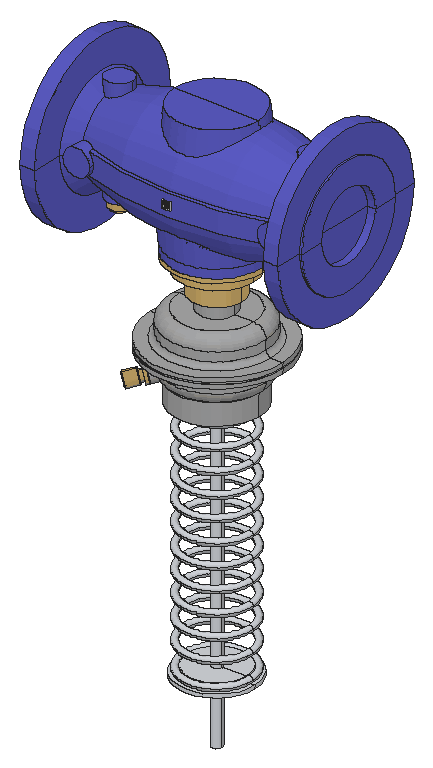
Revit family "Differenzdruckregler F_4007_20-80kPa_HF", category Rohrzubehör, Revit 2018
Family settings
  Bemaßung runder Anschluss = Durchmesser verwenden
  Teiletyp = Unterbricht
  OmniClass-Nummer = 23.65.55.14
  OmniClass-Titel = Valves for Liquid Services
  Arbeitsebenenbasiert = Nein
  Immer vertikal = Ja
  Beim Laden mit Abzugskörper schneiden = Nein
  Gemeinsam genutzt = Nein
Parameters
  Min. Betriebstemperatur (Frostschutz) = -10 °C  # constant formula
  Min. Betriebstemperatur = 2 °C  # constant formula
  Max. Betriebsdruck = 1600000.0 Pa  # constant formula
  Max. Betriebstemperatur = 110 °C  # constant formula
  URL = "www.herz-armaturen.at"
  Sollwertfeder = "EN 10270-1-SH"  # constant formula
  SCRNSEQ = "ARM;ARM_TYP=\"DIFR\";2"
  SCRNCODE = "05;03;02"  # constant formula
  S02 [instance] = H03 + H13  # 141 mm
  S01 [instance] = (2 * H02) + (2 * H04) + H05  # 72.7 mm
  R99 = 14 mm  # constant formula
  R98 = 6 mm  # constant formula
  R97 = 2 mm  # constant formula
  R02 = 15.5 mm  # constant formula
  R01 [instance] = size_lookup("4007_F_20-80_HF", "R1", 45.5 mm, Nennweite)  # 63.5 mm
  R00 [instance] = size_lookup("4007_F_20-80_HF", "R", 53 mm, Nennweite)  # 70 mm
  Nennweite [instance] = 80 mm
  Membrane und O-Ringe = "EPDM"  # constant formula
  Medium = "Die Verwendung von Ethylen- und Propylenglykol ist im Mischungsverhältnis 25 - 50 % zulässig. Heizwasserqualität entsprechend ÖNORM H 5195 bzw. VDI-Richtlinie 2035"
  L05 [instance] = L04 - 6.3 mm  # 114.7 mm
  L04 [instance] = size_lookup("4007_F_20-80_HF", "L4", 81 mm, Nennweite)  # 121 mm
  L03 = 10 mm  # constant formula
  L02 [instance] = size_lookup("4007_F_20-80_HF", "L2", 15 mm, Nennweite)  # 17 mm
  L01 = 3 mm  # constant formula
  L00 [instance] = size_lookup("4007_F_20-80_HF", "L", 115 mm, Nennweite)  # 155 mm
  Hersteller = "HERZ Armaturen Ges.m.b.H."  # constant formula
  H19 [instance] = size_lookup("4007_F_20-80_HF", "H19", 9 mm, Nennweite)  # 603 mm
  H18 [instance] = H19 - 75 mm  # 528 mm
  H17 = 6 mm  # constant formula
  H16 = 10 mm  # constant formula
  H15 = 24.5 mm  # constant formula
  H14 = 5 mm  # constant formula
  H13 = 17 mm  # constant formula
  H12 [instance] = R00 + 4 mm  # 74 mm
  H11 [instance] = R00 + 10 mm  # 80 mm
  H10 = 5 mm  # constant formula
  H09 [instance] = size_lookup("4007_F_20-80_HF", "H9", 9 mm, Nennweite)  # 11 mm
  H08 = 21 mm  # constant formula
  H07 [instance] = R00 + 23.4 mm  # 93.4 mm
  H06 [instance] = D12 + 15 mm  # 63.5 mm
  H05 = 2.5 mm  # constant formula
  H04 = 4.6 mm  # constant formula
  H03 [instance] = H08 + H09 + H10 + H11 + H14 + R97  # 124 mm
  H02 [instance] = size_lookup("4007_F_20-80_HF", "H2", 30.5 mm, Nennweite)  # 30.5 mm
  H01 [instance] = size_lookup("4007_F_20-80_HF", "H1", 210 mm, Nennweite)  # 226 mm
  Gehäuse = "Grauguss GJL250 nach EN 1561"  # constant formula
  Differenzdruck Einstellbereich = "20-80 kPa"  # constant formula
  DN80 [instance] = Nennweite = 80 mm  # yes
  D17 = 6 mm  # constant formula
  D16 = 45 mm  # constant formula
  D15 = 35 mm  # constant formula
  D14 = 50 mm  # constant formula
  D13 [instance] = D11 + 10 mm  # 59 mm
  D12 [instance] = R01 - 15 mm  # 48.5 mm
  D11 [instance] = size_lookup("4007_F_20-80_HF", "D11", 40 mm, Nennweite)  # 49 mm
  D10 [instance] = D11 + 5 mm  # 54 mm
  D09 [instance] = D11 - 5 mm  # 44 mm
  D08 = 24 mm  # constant formula
  D07 = 29.5 mm  # constant formula
  D06 [instance] = size_lookup("4007_F_20-80_HF", "D6", 51 mm, Nennweite)  # 57.8 mm
  D05 [instance] = D04 - 1 mm  # 77 mm
  D04 [instance] = size_lookup("4007_F_20-80_HF", "D4", 51 mm, Nennweite)  # 78 mm
  D03 = 21 mm  # constant formula
  D02 [instance] = Nennweite / 2  # 40 mm
  D01 [instance] = size_lookup("4007_F_20-80_HF", "D1", 51 mm, Nennweite)  # 69 mm
  D00 [instance] = size_lookup("4007_F_20-80_HF", "D", 82.5 mm, Nennweite)  # 100 mm
  Bestellnummer [instance] = if(Nennweite = 80 mm, "F400738", "0")  # "F400738"
  Ausführung = "Der Differenzdruckregler ist ein Proportionalregler in Geradsitzausführung und arbeitet ohne Hilfsenergie für Zweirohranlagen. Der gewünschte Differenzdruck- Sollwert kann zwischen 20 und 80 kPa stufenlos eingestellt werden."
  Anwendung = "Für Heizungs- und Kühlanlagen um den Differenzdruck innerhalb des regeltechnischen Bereiches konstant zu halten."
  Anschlussflansch = "EN 1092-2"  # constant formula
Reference planes
  plane 1 "Mitte (Vorne/hinten)": y = 0
  plane 2: z = -0.015
  plane 3 "Mitte (Links/rechts)": x = 0
Forms (mm)
  Revolve 1, solid, material "Herz-Marineblau", detail levels fine
    sketch origin (1065, 0, 0) x (1, 0, 0) y (0, 1, 0)
      loop
        line (-1217, 100) -> (-1217, 69) -> (-1220, 69) -> (-1220, 40) -> (-1210, 40) -> (-1210, 0) -> (-920, 0) -> (-920, 40) -> (-910, 40) -> (-910, 69) -> (-913, 69) -> (-913, 100) -> (-930, 100) -> (-930, 63.5) -> (-944, 48.5)
        arc (-944, 48.5) -> (-1065, 70) -> (-1186, 48.5) r 351.238
        line (-1186, 48.5) -> (-1200, 63.5) -> (-1200, 100) -> (-1217, 100)
      axis (-1220, 0) -> (-910, 0)
    angle from 0 to 360
  Extrusion 2, solid, material "Herz-Marineblau", detail levels fine
    sketch origin (0, 0, 0) x (1, 0, 0) y (0, 1, 0)
      loop
        circle (-114.7, 0) r 15.5
      loop
        circle (114.7, 0) r 15.5
    from -63.515 to 63.485
  Extrusion 3, solid, material "Herz-Marineblau", detail levels fine
    sketch origin (0, 0, 0) x (-1, 0, 0) y (0, 0, -1)
      loop
        circle (114.7, 0) r 15.5
      loop
        circle (-114.7, 0) r 15.5
    from -63.5 to 63.5
  Revolve 4, solid, material "Herz-Marineblau", detail levels fine
    sketch origin (92.737, 0, -45.97) x (1, 0, 0) y (0, 0, 1)
      loop
        line (-92.737, 119.955) -> (-92.737, -34.045) -> (-38.737, -34.045) -> (-38.737, -24.045) -> (-33.737, 45.97) -> (-43.737, 119.955) -> (-92.737, 119.955)
      axis (-92.737, 119.955) -> (-92.737, -34.045)
    angle from 0 to 360
  Revolve 5, solid, material "Messing", detail levels fine
    sketch origin (446.725, 0, 35.707) x (1, 0, 0) y (0, 0, 1)
      loop
        line (-446.725, -115.722) -> (-446.725, -159.722) -> (-417.225, -159.722) -> (-417.225, -138.722) -> (-422.725, -138.722) -> (-422.725, -133.722) -> (-402.725, -133.722) -> (-402.725, -122.722)
        arc (-402.725, -122.722) -> (-402.14, -121.308) -> (-400.725, -120.722) r 2
        line (-400.725, -120.722) -> (-392.725, -120.722) -> (-392.725, -115.722) -> (-446.725, -115.722)
      axis (-446.725, -159.722) -> (-446.725, -115.722)
    angle from 0 to 360
  Revolve 6, solid, material "Aluminium", detail levels fine
    sketch origin (925.114, 0, 19.41) x (1, 0, 0) y (0, 0, 1)
      loop
        line (-925.114, -143.425) -> (-925.114, -257.625) -> (-875.114, -257.625) -> (-875.114, -233.125) -> (-881.314, -233.125)
        arc (-881.314, -233.125) -> (-871.414, -229.025) -> (-867.314, -219.125) r 14
        line (-867.314, -219.125) -> (-867.314, -208.625)
        arc (-867.314, -208.625) -> (-865.556, -204.383) -> (-861.314, -202.625) r 6
        line (-861.314, -202.625) -> (-847.114, -202.625) -> (-847.114, -198.025) -> (-848.114, -198.025) -> (-848.114, -195.525) -> (-847.114, -195.525) -> (-847.114, -190.925) -> (-861.314, -190.925)
        arc (-861.314, -190.925) -> (-865.556, -189.168) -> (-867.314, -184.925) r 6
        line (-867.314, -184.925) -> (-867.314, -174.425)
        arc (-867.314, -174.425) -> (-871.414, -164.526) -> (-881.314, -160.425) r 14
        line (-881.314, -160.425) -> (-904.114, -160.425) -> (-904.114, -143.425) -> (-925.114, -143.425)
      axis (-925.114, -143.425) -> (-925.114, -257.625)
    angle from 0 to 360
  Extrusion 7, solid, material "Herz-Marineblau", visible <- "DN80", detail levels fine
    sketch origin (0, 0, 0) x (1, 0, 0) y (0, 1, 0)
      loop
        arc (-114.7, -54.973) -> (0, -74) -> (114.7, -54.973) r 355.238
        line (114.7, -54.973) -> (114.7, 54.973)
        arc (114.7, 54.973) -> (0, 74) -> (-114.7, 54.973) r 355.238
        line (-114.7, 54.973) -> (-114.7, -54.973)
    from -12.5 to 12.5
  Revolve 8, solid, detail levels fine
    sketch origin (0, 0, 0) x (1, 0, 0) y (0, 0, 1)
      loop
        line (0, -528.015) -> (45, -528.015) -> (45, -524.015) -> (35, -524.015) -> (35, -518.015) -> (0, -518.015) -> (0, -528.015)
      axis (0, -518.015) -> (0, -528.015)
    angle from 0 to 360
  Revolve 9, solid, detail levels fine
    sketch origin (0, 0, 0) x (1, 0, 0) y (0, 0, 1)
      loop
        line (0, -223.015) -> (0, -603.015) -> (6, -603.015) -> (6, -223.015) -> (0, -223.015)
      axis (0, -223.015) -> (0, -603.015)
    angle from 0 to 360
  Sweep 10, solid, visible <- "DN80", detail levels fine
    path in 3D
      loop
        arc (-39, 0, -241.715) -> (0, -39, -241.715) -> (39, 0, -241.715) r 39
        arc (39, 0, -241.715) -> (0, 39, -241.715) -> (-39, 0, -241.715) r 39
    profile origin (0, 39, -241.715) x (0, -1, 0) y (0, 0, 1)
      loop
        circle (0, 0) r 3.5
  Sweep 11, solid, visible <- "DN80", detail levels fine
    path in 3D
      loop
        arc (-39, 0, -266.715) -> (0, -39, -266.715) -> (39, 0, -266.715) r 39
        arc (39, 0, -266.715) -> (0, 39, -266.715) -> (-39, 0, -266.715) r 39
    profile origin (0, 39, -266.715) x (0, -1, 0) y (0, 0, 1)
      loop
        circle (0, 0) r 3.5
  Sweep 12, solid, visible <- "DN80", detail levels fine
    path in 3D
      loop
        arc (-39, 0, -291.715) -> (0, -39, -291.715) -> (39, 0, -291.715) r 39
        arc (39, 0, -291.715) -> (0, 39, -291.715) -> (-39, 0, -291.715) r 39
    profile origin (0, 39, -291.715) x (0, -1, 0) y (0, 0, 1)
      loop
        circle (0, 0) r 3.5
  Sweep 13, solid, visible <- "DN80", detail levels fine
    path in 3D
      loop
        arc (-39, 0, -316.715) -> (0, -39, -316.715) -> (39, 0, -316.715) r 39
        arc (39, 0, -316.715) -> (0, 39, -316.715) -> (-39, 0, -316.715) r 39
    profile origin (0, 39, -316.715) x (0, -1, 0) y (0, 0, 1)
      loop
        circle (0, 0) r 3.5
  Sweep 14, solid, visible <- "DN80", detail levels fine
    path in 3D
      loop
        arc (-39, 0, -341.715) -> (0, -39, -341.715) -> (39, 0, -341.715) r 39
        arc (39, 0, -341.715) -> (0, 39, -341.715) -> (-39, 0, -341.715) r 39
    profile origin (0, 39, -341.715) x (0, -1, 0) y (0, 0, 1)
      loop
        circle (0, 0) r 3.5
  Sweep 15, solid, visible <- "DN80", detail levels fine
    path in 3D
      loop
        arc (-39, 0, -366.715) -> (0, -39, -366.715) -> (39, 0, -366.715) r 39
        arc (39, 0, -366.715) -> (0, 39, -366.715) -> (-39, 0, -366.715) r 39
    profile origin (0, 39, -366.715) x (0, -1, 0) y (0, 0, 1)
      loop
        circle (0, 0) r 3.5
  Sweep 16, solid, visible <- "DN80", detail levels fine
    path in 3D
      loop
        arc (-39, 0, -391.715) -> (0, -39, -391.715) -> (39, 0, -391.715) r 39
        arc (39, 0, -391.715) -> (0, 39, -391.715) -> (-39, 0, -391.715) r 39
    profile origin (0, 39, -391.715) x (0, -1, 0) y (0, 0, 1)
      loop
        circle (0, 0) r 3.5
  Sweep 17, solid, visible <- "DN80", detail levels fine
    path in 3D
      loop
        arc (-39, 0, -416.715) -> (0, -39, -416.715) -> (39, 0, -416.715) r 39
        arc (39, 0, -416.715) -> (0, 39, -416.715) -> (-39, 0, -416.715) r 39
    profile origin (0, 39, -416.715) x (0, -1, 0) y (0, 0, 1)
      loop
        circle (0, 0) r 3.5
  Sweep 18, solid, visible <- "DN80", detail levels fine
    path in 3D
      loop
        arc (-39, 0, -441.715) -> (0, -39, -441.715) -> (39, 0, -441.715) r 39
        arc (39, 0, -441.715) -> (0, 39, -441.715) -> (-39, 0, -441.715) r 39
    profile origin (0, 39, -441.715) x (0, -1, 0) y (0, 0, 1)
      loop
        circle (0, 0) r 3.5
  Sweep 19, solid, visible <- "DN80", detail levels fine
    path in 3D
      loop
        arc (-39, 0, -466.715) -> (0, -39, -466.715) -> (39, 0, -466.715) r 39
        arc (39, 0, -466.715) -> (0, 39, -466.715) -> (-39, 0, -466.715) r 39
    profile origin (0, 39, -466.715) x (0, -1, 0) y (0, 0, 1)
      loop
        circle (0, 0) r 3.5
  Sweep 20, solid, visible <- "DN80", detail levels fine
    path in 3D
      loop
        arc (-39, 0, -491.715) -> (0, -39, -491.715) -> (39, 0, -491.715) r 39
        arc (39, 0, -491.715) -> (0, 39, -491.715) -> (-39, 0, -491.715) r 39
    profile origin (0, 39, -491.715) x (0, -1, 0) y (0, 0, 1)
      loop
        circle (0, 0) r 3.5
  Sweep 21, solid, visible <- "DN80", detail levels fine
    path in 3D
      loop
        arc (-39, 0, -520.215) -> (0, -39, -520.215) -> (39, 0, -520.215) r 39
        arc (39, 0, -520.215) -> (0, 39, -520.215) -> (-39, 0, -520.215) r 39
    profile origin (0, 39, -520.215) x (0, -1, 0) y (0, 0, 1)
      loop
        circle (0, 0) r 3.5
  Revolve 22, solid, material "Messing, weicher Gelbton, geschweißt", visible <- "DN80", detail levels fine
    sketch origin (4.806, 4.796, -1.426) x (-0.707107, -0.707107, 0) y (0, 0, -1)
      loop
        line (70.524, 205.006) -> (72.604, 195.224) -> (76.516, 196.056) -> (75.643, 200.164) -> (80.534, 201.204) -> (81.133, 198.384) -> (94.817, 201.293) -> (95.511, 202.887) -> (94, 209.996) -> (70.524, 205.006)
      axis (94, 209.996) -> (70.524, 205.006)
    angle from 0 to 360
  Revolve 23, solid, material "Aluminium", visible <- "DN80", detail levels fine
    sketch origin (-31.256, -31.266, -12.266) x (-0.707107, -0.707107, 0) y (0, 0, -1)
      loop
        line (19.524, 194.165) -> (-44.055, 180.651) -> (-42.08, 171.359) -> (21.5, 184.873) -> (19.524, 194.165)
      axis (-44.055, 180.651) -> (19.524, 194.165)
    angle from 0 to 360
  Revolve 24, solid, material "Messing, weicher Gelbton, geschweißt", detail levels fine
    sketch origin (-10, 0, -8) x (1, 0, 0) y (0, 0, 1)
      loop
        line (-104.7, -55.515) -> (-116.7, -55.515) -> (-116.7, -64.515) -> (-113.7, -64.515) -> (-113.7, -68.015) -> (-104.7, -68.015) -> (-104.7, -55.515)
      axis (-104.7, -68.015) -> (-104.7, -55.515)
    angle from 0 to 360
  Revolve 25, solid, material "Messing, weicher Gelbton, geschweißt", detail levels fine
    sketch origin (10, 0, -8) x (-1, 0, 0) y (0, 0, -1)
      loop
        line (-104.7, 55.515) -> (-104.7, 68.015) -> (-113.7, 68.015) -> (-113.7, 64.515) -> (-116.7, 64.515) -> (-116.7, 55.515) -> (-104.7, 55.515)
      axis (-104.7, 68.015) -> (-104.7, 55.515)
    angle from 0 to 360
Lines and regions (mm)
  sketch lines
    curve 1: circle (0, 0, -241.715) r 39 normal (0, 0, 1)
    curve 2: circle (0, 0, -266.715) r 39 normal (0, 0, 1)
    curve 3: circle (0, 0, -291.715) r 39 normal (0, 0, 1)
    curve 4: circle (0, 0, -316.715) r 39 normal (0, 0, 1)
    curve 5: circle (0, 0, -341.715) r 39 normal (0, 0, 1)
    curve 6: circle (0, 0, -366.715) r 39 normal (0, 0, 1)
    curve 7: circle (0, 0, -391.715) r 39 normal (0, 0, 1)
    curve 8: circle (0, 0, -416.715) r 39 normal (0, 0, 1)
    curve 9: circle (0, 0, -441.715) r 39 normal (0, 0, 1)
    curve 10: circle (0, 0, -466.715) r 39 normal (0, 0, 1)
    curve 11: circle (0, 0, -491.715) r 39 normal (0, 0, 1)
    curve 12: circle (0, 0, -520.215) r 39 normal (0, 0, 1)
  model lines, visible <- "DN80", detail levels fine
    curve 13: line (-39, 0, -238.215) -> (39, 0, -238.215)
  model lines, detail levels coarse+medium
    curve 14: line (-155, 0, 99.985) -> (-155, 0, -100.015)
    curve 15: line (-155, 0, -100.015) -> (155, 0, 99.985)
    curve 16: line (155, 0, 99.985) -> (155, 0, -100.015)
    curve 17: line (155, 0, -100.015) -> (-155, 0, 99.985)
    curve 18: line (-77.5, 0, -50.015) -> (0, 0, -100.015)
    curve 19: line (0, 0, -100.015) -> (77.5, 0, -50.015)
    curve 20: line (0, 0, -100.015) -> (0, 0, -141.015)
    curve 21: spline (-78, 0, -177.365) -> (-75.342, 0, -167.957) -> (-67.55, 0, -159.19) -> (-55.154, 0, -151.662) -> (-39, 0, -145.885) -> (-20.188, 0, -142.254) -> (0, 0, -141.015) -> (20.188, 0, -142.254) -> (39, 0, -145.885) -> (55.154, 0, -151.662) -> (67.55, 0, -159.19) -> (75.342, 0, -167.957) -> (78, 0, -177.365) -> (75.342, 0, -186.773) -> (67.55, 0, -195.54) -> (55.154, 0, -203.069) -> (39, 0, -208.845) -> (20.188, 0, -212.477) -> (0, 0, -213.715) -> (-20.188, 0, -212.477) -> (-39, 0, -208.845) -> (-55.154, 0, -203.069) -> (-67.55, 0, -195.54) -> (-75.342, 0, -186.773) -> (-78, 0, -177.365)
    curve 22: line (-155, 100, 0) -> (-155, -100, 0)
    curve 23: line (-155, -100, 0) -> (155, 100, 0)
    curve 24: line (155, 100, 0) -> (155, -100, 0)
    curve 25: line (155, -100, 0) -> (-155, 100, 0)
    curve 26: line (-77.5, -50, 0) -> (0, -100, 0)
    curve 27: line (0, -100, 0) -> (77.5, -50, 0)
    curve 28: line (0, -100, 0) -> (0, -141, 0)
    curve 29: spline (-78, -177.35, 0) -> (-75.342, -167.942, 0) -> (-67.55, -159.175, 0) -> (-55.154, -151.647, 0) -> (-39, -145.87, 0) -> (-20.188, -142.239, 0) -> (0, -141, 0) -> (20.188, -142.239, 0) -> (39, -145.87, 0) -> (55.154, -151.647, 0) -> (67.55, -159.175, 0) -> (75.342, -167.942, 0) -> (78, -177.35, 0) -> (75.342, -186.758, 0) -> (67.55, -195.525, 0) -> (55.154, -203.053, 0) -> (39, -208.83, 0) -> (20.188, -212.461, 0) -> (0, -213.7, 0) -> (-20.188, -212.461, 0) -> (-39, -208.83, 0) -> (-55.154, -203.053, 0) -> (-67.55, -195.525, 0) -> (-75.342, -186.758, 0) -> (-78, -177.35, 0)
Dimensions and locks
  "H06": Extrusion 3 to plane 1 "Mitte (Vorne/hinten)" to Extrusion 3  (x2)
  "L02": Revolve 1 sketch curve to Revolve 1 sketch curve  (x2)
  "L01": Revolve 1 sketch curve to Revolve 1 sketch curve  (x2)
  "L00": Revolve 1 sketch curve to plane 3 "Mitte (Links/rechts)" to Revolve 1 sketch curve
  "L03": Revolve 1 sketch curve to Revolve 1 sketch curve  (x2)
  "D02": plane 1 "Mitte (Vorne/hinten)" to Revolve 1 sketch curve  (x2)
  "L04": plane 3 "Mitte (Links/rechts)" to Revolve 1 sketch curve
  "R01": plane 1 "Mitte (Vorne/hinten)" to Revolve 1 sketch curve
  "D01": plane 1 "Mitte (Vorne/hinten)" to Revolve 1 sketch curve  (x2)
  "D00": plane 1 "Mitte (Vorne/hinten)" to Revolve 1 sketch curve  (x2)
  "H06": Extrusion 2 to plane 2 to Extrusion 2  (x2)
  "L04": Revolve 1 sketch curve to plane 3 "Mitte (Links/rechts)"
  "R00": Revolve 1 sketch curve to Revolve 1 sketch curve
  "R01": Revolve 1 sketch curve to Revolve 1 sketch curve
  "D05": Revolve 6 sketch curve to Revolve 6 sketch curve
  "D04": Revolve 6 sketch curve to Revolve 6 sketch curve  (x2)
  "H04": Revolve 6 sketch curve to Revolve 6 sketch curve  (x2)
  "H05": Revolve 6 sketch curve to Revolve 6 sketch curve
  "H02": Revolve 6 sketch curve to Revolve 6 sketch curve  (x2)
  "H03": plane 2 to Revolve 6 sketch curve
  "D06": Revolve 6 sketch curve to Revolve 6 sketch curve
  "D03": Revolve 6 sketch curve to Revolve 6 sketch curve
  "D07": Revolve 5 sketch curve to Revolve 5 sketch curve
  "D08": Revolve 5 sketch curve to Revolve 5 sketch curve
  "H08": Revolve 5 sketch curve to Revolve 5 sketch curve
  "D09": Revolve 5 sketch curve to Revolve 5 sketch curve
  "D10": Revolve 5 sketch curve to Revolve 5 sketch curve
  "H10": Revolve 5 sketch curve to Revolve 5 sketch curve
  "H11": plane 2 to Revolve 4 sketch curve
  "H11": plane 2 to Revolve 5 sketch curve
  "D10": Revolve 4 sketch curve to Revolve 4 sketch curve
  "H12": Revolve 4 sketch curve to plane 2
  "L05": Extrusion 2 sketch curve to plane 3 "Mitte (Links/rechts)"
  "L05": plane 3 "Mitte (Links/rechts)" to Extrusion 2 sketch curve
  "L05": plane 3 "Mitte (Links/rechts)" to Extrusion 3 sketch curve
  "L05": Extrusion 3 sketch curve to plane 3 "Mitte (Links/rechts)"
  "D12": Revolve 1 sketch curve to Revolve 1 sketch curve  (x2)
  "D06": plane 3 "Mitte (Links/rechts)" to Revolve 6 sketch curve
  "R00": plane 2 to Revolve 4 sketch curve
  "D11": Revolve 4 sketch curve to Revolve 4 sketch curve
  "D13": Revolve 4 sketch curve to Revolve 4 sketch curve
  "H13": Revolve 6 sketch curve to Revolve 6 sketch curve
  "H14": Revolve 5 sketch curve to Revolve 5 sketch curve
  "H09": Revolve 5 sketch curve to Revolve 5 sketch curve
  "H03": plane 2 to Revolve 5 sketch curve
  "D14": Revolve 6 sketch curve to plane 3 "Mitte (Links/rechts)"
  "H15": Revolve 6 sketch curve to Revolve 6 sketch curve
  "H16": Revolve 8 sketch curve to Revolve 8 sketch curve
  "D15": Revolve 8 sketch curve to Revolve 8 sketch curve
  "D16": Revolve 8 sketch curve to Revolve 8 sketch curve
  "H17": Revolve 8 sketch curve to Revolve 8 sketch curve
  "D17": Revolve 9 sketch curve to Revolve 9 sketch curve
  "L00": curve 14 to plane 3 "Mitte (Links/rechts)" to curve 16
  "D00": curve 17 to plane 2 to curve 15
  "D00": curve 16 to plane 2 to curve 17
  equal spacing: plane 3 "Mitte (Links/rechts)", curve 18, curve 15
  equal spacing: curve 17, curve 19, plane 3 "Mitte (Links/rechts)"
  "D00": plane 2 to curve 19
  "S02": plane 2 to curve 20
  "D04": plane 3 "Mitte (Links/rechts)" to curve 21
  "S01": curve 21 to curve 21
  "S02": plane 2 to curve 21
  "L00": curve 22 to plane 3 "Mitte (Links/rechts)" to curve 24
  "D00": curve 23 to plane 1 "Mitte (Vorne/hinten)" to curve 25
  "D00": curve 25 to plane 1 "Mitte (Vorne/hinten)" to curve 24
  equal spacing: plane 3 "Mitte (Links/rechts)", curve 26, curve 23
  equal spacing: plane 3 "Mitte (Links/rechts)", curve 27, curve 25
  "D00": curve 27 to plane 1 "Mitte (Vorne/hinten)"
  "S02": curve 28 to plane 1 "Mitte (Vorne/hinten)"
  "S01": curve 29 to curve 29
  "D04": curve 29 to plane 3 "Mitte (Links/rechts)"
  "S02": curve 29 to plane 1 "Mitte (Vorne/hinten)"
  "H19": plane 2 to Revolve 9 sketch curve
  "H18": plane 2 to Revolve 8 sketch curve
  Revolve 24 sketch curve to Revolve 24 sketch curve = 9 mm  (x2)
  Revolve 24 sketch curve to Revolve 24 sketch curve = 12.5 mm
  Revolve 24 sketch curve to Revolve 24 sketch curve = 12 mm
  "L05": plane 3 "Mitte (Links/rechts)" to Revolve 24 sketch curve
  "H06": plane 2 to Revolve 24 sketch curve
  Revolve 25 sketch curve to Revolve 25 sketch curve = 9 mm  (x2)
  Revolve 25 sketch curve to Revolve 25 sketch curve = 12.5 mm
  Revolve 25 sketch curve to Revolve 25 sketch curve = 12 mm
  "L05": Revolve 25 sketch curve to plane 3 "Mitte (Links/rechts)"
  "H06": plane 2 to Revolve 25 sketch curve
  "R99": radius of Revolve 6 sketch curve  (x2)
  "R98": radius of Revolve 6 sketch curve  (x2)
  "R02": radius of Extrusion 2 sketch curve  (x2)
  "R02": radius of Extrusion 3 sketch curve  (x2)
  "R97": radius of Revolve 5 sketch curve
  aligned and locked: level to plane 2
Automatic sketch dimensions
  Extrusion 7 sketch curve to plane 3 "Mitte (Links/rechts)" = 0 mm  (x2)
  plane 1 "Mitte (Vorne/hinten)" to Extrusion 7 sketch curve = 54.973 mm
  Extrusion 7 sketch curve to plane 3 "Mitte (Links/rechts)" = 114.7 mm
  Extrusion 7 sketch curve to plane 1 "Mitte (Vorne/hinten)" = 54.973 mm
  plane 3 "Mitte (Links/rechts)" to Extrusion 7 sketch curve = 114.7 mm
  Extrusion 7 sketch curve to Extrusion 7 sketch curve = 226.265 mm  (x2)
  Sweep 10 sketch curve to profile plane = 0 mm  (x2)
  Sweep 11 sketch curve to profile plane = 0 mm  (x2)
  Sweep 12 sketch curve to profile plane = 0 mm  (x2)
  Sweep 13 sketch curve to profile plane = 0 mm  (x2)
  Sweep 14 sketch curve to profile plane = 0 mm  (x2)
  Sweep 15 sketch curve to profile plane = 0 mm  (x2)
  Sweep 16 sketch curve to profile plane = 0 mm  (x2)
  Sweep 17 sketch curve to profile plane = 0 mm  (x2)
  Sweep 18 sketch curve to profile plane = 0 mm  (x2)
  Sweep 19 sketch curve to profile plane = 0 mm  (x2)
  Sweep 20 sketch curve to profile plane = 0 mm  (x2)
  Sweep 21 sketch curve to profile plane = 0 mm  (x2)
  curve 13 to plane 3 "Mitte (Links/rechts)" = 39 mm
  plane 3 "Mitte (Links/rechts)" to curve 13 = 39 mm
  curve 13 to plane 2 = 238.2 mm
  Revolve 22 sketch curve to plane 2 = 206.416 mm
  Revolve 22 sketch curve to plane 2 = 196.635 mm
  Revolve 22 sketch curve to Revolve 22 sketch curve = 2.079 mm
  Revolve 22 sketch curve to plane 2 = 201.575 mm
  Revolve 22 sketch curve to Revolve 22 sketch curve = 3.039 mm
  Revolve 22 sketch curve to plane 2 = 202.614 mm
  Revolve 22 sketch curve to plane 2 = 199.795 mm
  Revolve 22 sketch curve to plane 2 = 211.406 mm
  Revolve 22 sketch curve to plane 2 = 202.704 mm
  Revolve 22 sketch curve to plane 2 = 204.297 mm
  Revolve 22 sketch curve to plane 2 = 206.419 mm
  Revolve 22 sketch curve to Revolve 22 sketch curve = 0.015 mm
  Revolve 22 sketch curve to plane 2 = 208.733 mm
  Revolve 22 sketch curve to Revolve 22 sketch curve = 0.89 mm
  Revolve 23 sketch curve to plane 2 = 192.902 mm
  Revolve 23 sketch curve to plane 2 = 183.61 mm
  Revolve 23 sketch curve to Revolve 23 sketch curve = 1.975 mm
  Revolve 23 sketch curve to plane 2 = 206.416 mm
  Revolve 23 sketch curve to plane 2 = 202.266 mm
  Revolve 23 sketch curve to Revolve 23 sketch curve = 19.524 mm
  Revolve 23 sketch curve to plane 2 = 217.257 mm
  Revolve 23 sketch curve to Revolve 23 sketch curve = 51 mm
  curve 21 to plane 3 "Mitte (Links/rechts)" = 0 mm
  curve 20 to plane 3 "Mitte (Links/rechts)" = 0 mm
  curve 29 to plane 3 "Mitte (Links/rechts)" = 0 mm
  curve 28 to plane 3 "Mitte (Links/rechts)" = 0 mm
  plane 1 "Mitte (Vorne/hinten)" to Revolve 1 sketch curve = 0 mm  (x2)
  Revolve 1 sketch curve to Revolve 1 sketch curve = 35 mm
  Revolve 1 sketch curve to Revolve 1 sketch curve = 40 mm
  plane 1 "Mitte (Vorne/hinten)" to Extrusion 2 sketch curve = 0 mm  (x2)
  Extrusion 3 sketch curve to level = 0 mm  (x2)
  Revolve 4 sketch curve to plane 3 "Mitte (Links/rechts)" = 0 mm  (x2)
  Revolve 4 sketch curve to level = 0 mm
  Revolve 4 sketch curve to plane 2 = 25.895 mm
  level to Revolve 4 sketch curve = 24.09 mm
  Revolve 5 sketch curve to plane 3 "Mitte (Links/rechts)" = 0 mm  (x2)
  Revolve 5 sketch curve to Revolve 5 sketch curve = 8.988 mm
  Revolve 5 sketch curve to Revolve 5 sketch curve = 0 mm
  Revolve 6 sketch curve to plane 3 "Mitte (Links/rechts)" = 0 mm  (x2)
  Revolve 6 sketch curve to Revolve 6 sketch curve = 0 mm
  Revolve 6 sketch curve to Revolve 6 sketch curve = 9.421 mm
  plane 3 "Mitte (Links/rechts)" to Revolve 8 sketch curve = 0 mm
  Revolve 8 sketch curve to plane 3 "Mitte (Links/rechts)" = 0 mm
  Revolve 8 sketch curve to Revolve 8 sketch curve = 168.671 mm
  level to Revolve 8 sketch curve = 2214.315 mm
  Revolve 9 sketch curve to plane 3 "Mitte (Links/rechts)" = 0 mm  (x2)
  Revolve 9 sketch curve to plane 2 = 223 mm
  Revolve 9 sketch curve to Revolve 9 sketch curve = 17.86 mm
  level to Revolve 9 sketch curve = 2214.315 mm
  Revolve 24 sketch curve to Revolve 24 sketch curve = 0 mm  (x3)
  Revolve 25 sketch curve to Revolve 25 sketch curve = 0 mm  (x3)
  radius of Sweep 10 sketch curve = 3.5 mm
  radius of Sweep 11 sketch curve = 3.5 mm
  radius of Sweep 12 sketch curve = 3.5 mm
  radius of Sweep 13 sketch curve = 3.5 mm
  radius of Sweep 14 sketch curve = 3.5 mm
  radius of Sweep 15 sketch curve = 3.5 mm
  radius of Sweep 16 sketch curve = 3.5 mm
  radius of Sweep 17 sketch curve = 3.5 mm
  radius of Sweep 18 sketch curve = 3.5 mm
  radius of Sweep 19 sketch curve = 3.5 mm
  radius of Sweep 20 sketch curve = 3.5 mm
  radius of Sweep 21 sketch curve = 3.5 mm
Nested families
  nested 1: "Herz-Logo-vorne" at (-0.018, -73.982, 0) x (0, 1, 0) z (0, 0, 1), visible <- "DN80", type "Herz-Logo-vorne", detail levels fine
Connectors
  piping at (-155, 0, 0), diameter 80, driven by "Nennweite"
    settings: on Revolve 1, index 1, connector inside diameter 609.6 mm, connector length 0 mm, flow factor 0, pipe flow 0.0 L/s, pressure drop 0.0 Pa, fitting loss kfactor 0, connector angle 0.00°, fixture units 0, engagement length 0 mm, angle of deflection 0.00°, flow configuration 0, flow direction 2, fitting loss method 0, system type 29, joint type 0, gender type 0, connector reference index -1, connector utility 0, adjustable connector no, is connector primary yes, connector description ""
  piping at (155, 0, 0), diameter 80, driven by "Nennweite"
    settings: on Revolve 1, index 2, connector inside diameter 609.6 mm, connector length 0 mm, flow factor 0, pipe flow 0.0 L/s, pressure drop 0.0 Pa, fitting loss kfactor 0, connector angle 0.00°, fixture units 0, engagement length 0 mm, angle of deflection 0.00°, flow configuration 0, flow direction 1, fitting loss method 0, system type 29, joint type 0, gender type 0, connector reference index -1, connector utility 0, adjustable connector no, is connector primary no, connector description ""
Definition of nested family "Herz-Logo-vorne"
  Reference planes
    plane 1 "Mitte (Vorne/hinten)": y = 0
    plane 2: z = 0
    plane 3 "Mitte (Links/rechts)": x = 0
  Forms (mm)
    Extrusion 1, solid
      sketch origin (0.732, -0.018, 0.017) x (0, -1, 0) y (0, 0, 1)
        loop
          line (-0.018, -4.517) -> (4.482, -4.517) -> (4.482, 4.483) -> (-4.518, 4.483) -> (-4.518, -4.517) -> (-0.018, -4.517)
        loop
          line (-0.05, -3.48) -> (3.482, -3.48) -> (3.482, 3.483) -> (-3.518, 3.483) -> (-3.518, -3.48) -> (-0.05, -3.48)
        loop
          arc (-0.018, 2.383) -> (-1.543, 3.287) -> (-3.067, 2.383) r 1.738
          arc (-3.067, 2.383) -> (-3.191, 1.899) -> (-3.067, 1.415) r 1.009
          line (-3.067, 1.415) -> (-0.018, -3.281) -> (3.032, 1.415)
          arc (3.032, 1.415) -> (3.156, 1.899) -> (3.032, 2.383) r 1.009
          arc (3.032, 2.383) -> (1.507, 3.287) -> (-0.018, 2.383) r 1.738
        loop
          arc (1.885, 1.272) -> (2.005, 1.675) -> (1.885, 2.079) r 0.74
          arc (1.885, 2.079) -> (1.265, 2.416) -> (0.644, 2.079) r 0.74
          line (0.644, 2.079) -> (-0.018, 0.97) -> (-0.679, 2.079)
          arc (-0.679, 2.079) -> (-1.3, 2.416) -> (-1.921, 2.079) r 0.74
          arc (-1.921, 2.079) -> (-2.04, 1.675) -> (-1.921, 1.272) r 0.74
          line (-1.921, 1.272) -> (-0.018, -1.658) -> (1.885, 1.272)
      from 0 to 1.5
  Dimensions and locks
    aligned and locked: level to plane 2
